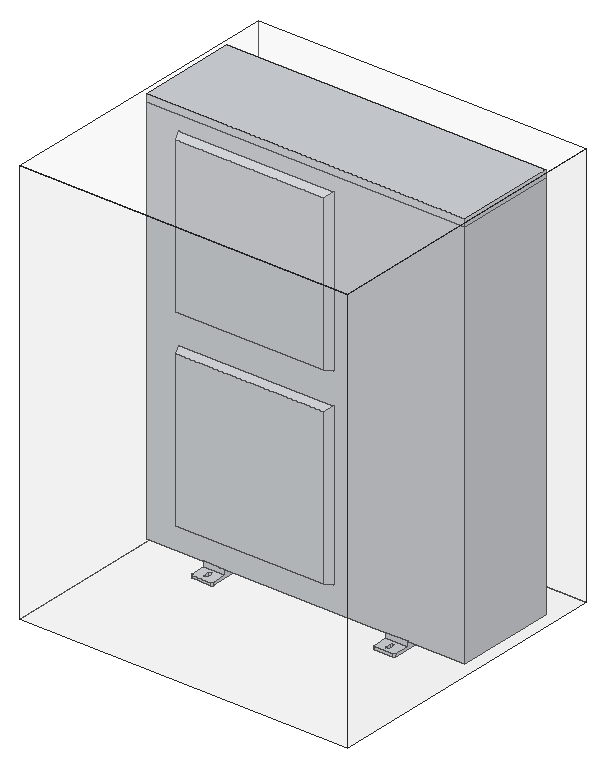
Revit family "puz-hrmp80_160ka7_60hz", category 機械設備, Revit 2019
Family settings
  丸型コネクタ寸法 = 直径を使用
  パーツ タイプ = 標準
  OmniClass 番号 = 23.75.10.24.21.27.27
  OmniClass タイトル = Split System Air Conditioning Units
  作業面ベース = いいえ
  常に垂直 = はい
  ロード時にボイドで切り取り = いいえ
  共有 = いいえ
  部屋計算ポイント = いいえ
Parameters (values of type "室外機_PUZ-HRMP80KA7 (-BS,BSG)")
  音響パワーレベル（冷）(dB) = 66
  音響パワーレベル(dB) = 68
  電源種別 = ""
  電源位置Y = 2 mm
  電源位置Z = 1063 mm
  電源位置X = 325 mm
  電圧 = 200 V
  電動機出力_送風機 = 0.12 kW
  電動機出力_圧縮機 = 1.5 kW
  集中コントローラ [instance] = ""
  運転質量 = 0.00 kg
  運転方法 = "冷暖切替"
  質量 = if(製品質量 > 運転質量, 製品質量, 運転質量) * 1.2  # 135.60 kg
  負荷分類 = 1_熱源類
  説明 = "空冷H/P PAC インバータ室外機"
  設計暖房能力 [instance] = 0 kW
  設計冷房能力_顕熱 [instance] = 0 kW
  設計冷房能力 [instance] = 0 kW
  設置方法 = "床置形"
  記号 [instance] = ""
  製造元 = "三菱電機株式会社"
  製品質量 = 113.00 kg
  製品出荷対象 = "国内"
  製品リリース年月 = ""
  製品グループ = ""
  系統 [instance] = ""
  符号 = "PAC"
  積算_科目 = "1 空気調和設備"
  積算_拾い区分 [instance] = ""
  相 = 3
  盤記号 [instance] = ""
  発停方法 = "付属スイッチ"
  特殊仕様 [instance] = ""
  消費電力_暖房 = 1.92 kW
  消費電力_冷房 = 1.77 kW
  消費電力 = if(消費電力_冷房 > 消費電力_暖房, 消費電力_冷房, 消費電力_暖房)  # 1.92 kW
  法定耐用年数 = "6"
  構成品番 = "PUZ-HRMP80KA7 (-BS,-BSG)"
  極数 = 3
  材質 [instance] = ""
  本体マテリアル = none
  最小電線太さ_mm2 = 1.6
  最大電流値 = 0 A
  暖房能力 = 8 kW
  推奨ブレーカー容量 = 30 A
  据付ピッチ1 = 0 mm
  形式 = "パッケージ形 室外機"
  形名 = PUZ-ZRMP-3 : PUZ-ZRMP112KA11
  幹線記号 [instance] = ""
  始動方式 = "インバータ始動方式"
  呼称 = "パッケージ形空気調和機_室外機"
  周波数 = 60 Hz
  価格 = 0
  ドレン　位置Z = 23 mm
  ドレン　位置Y = 176 mm
  ドレン　位置X = 45 mm
  アンカーボルト位置Y = 370 mm
  アンカーボルト位置X = 600 mm
  参照している仕様書等のバージョン = "公共建築物標準仕様書（機械設備工事編）平成31年度版"
  分類コード = "50053003126100"
  分類グループ = ""
  冷房能力 = 7.1 kW
  冷媒管（ガス）位置X = 483 mm
  冷媒管（液）位置X = 423 mm
  冷媒管（液）位置Y = 290 mm
  冷媒管（ガス）位置Y = 234 mm
  冷媒管長 [instance] = 0 mm
  冷媒管径符号 = "Bd"
  冷媒管径 = 100.00 mm
  冷媒管位置Z = 450 mm
  冷媒管位置Y = (冷媒管（液）位置Y + 冷媒管（ガス）位置Y) / 2  # 262 mm
  冷媒管位置X = (冷媒管（液）位置X + 冷媒管（ガス）位置X) / 2  # 453 mm
  冷媒液管径 = 9.52 mm
  冷媒ガス管径 = 15.88 mm
  企業コード = "108420"
  付属品 [instance] = ""
  仕様書バージョン = "Version1.0"
  ユニット数 = 1
  Model = ""
  ドレン管径 = 33.00 mm
  サービススペース = yes
  コメント [instance] = ""
  ケーブル種類1 = ""
  【値が 0 の項目は組合せ形名にてご確認ください】 = ""
  Width = 1050 mm
  Version = ""
  Uniclass2015Version = "Systems v1.9"
  Uniclass2015Title = "Split coil remote air cooled condensing units"
  Uniclass2015Code = "Pr_70_65_03_84"
  URL = "https://www.mitsubishielectric.co.jp/ldg/wink/ssl/top.do"
  SpecificationReference = ""
  SpecificationDescription = ""
  Revision = ""
  ProductInformation = ""
  OmniClassCode = "23-33 17 13 11"
  IfcTypeProduct = ""
  IfcProduct = ""
  IfcExportType = "AIRCONDITIONINGUNIT"
  IfcExportAs = "IfcUnitaryEquipmentType"
  Height = 1338 mm
  Depth = 330 mm
  Clearance Top = 0 mm
  Clearance Right = 15 mm
  Clearance Left = 15 mm
  Clearance Front = 500 mm
  Clearance Bottom = 0 mm
  Clearance Back = 150 mm
  COP = 0
  Author = "三菱電機株式会社"
  APF = 0
Reference planes
  plane 1 "中心(正面/背面)": y = 74
  plane 2: z = 0
  plane 3 "中心(左/右)": x = 830
  plane 4 "右": x = 1355
  plane 5 "左": x = 305
  plane 6 "背面": y = 239
  plane 7 "正面": y = -91
  plane 8 "上部": z = 1338
  plane 9 "Clearanse Top": z = 1338
  plane 10 "SS_back": y = 389
  plane 11 "SS_front": y = -591
  plane 12 "SS_left": x = 290
  plane 13 "SS_right": x = 1370
  plane 14: z = 0
  plane 15: y = -89
  plane 16: x = 1155
  plane 17: z = 1063
  plane 18: y = -87
  plane 19: y = -23
  plane 20: x = 1283
  plane 21: z = 450
  plane 22: z = 452
  plane 23: y = 63
  plane 24: x = 350
  plane 25: z = 25
  plane 26: z = 23
  plane 27: x = 530
  plane 28: x = 1130
  plane 29: y = 259
  plane 30: y = -111
Forms (mm)
  Extrusion 1, solid, detail levels fine
    sketch origin (0, -91, 0) x (1, 0, 0) y (0, 0, 1)
      loop
        circle (1155, 1063) r 13.5
    from -4 to -2
  Extrusion 2, solid, detail levels fine
    sketch origin (-1437.329, -1524, 54) x (-1, 0, 0) y (0, -1, 0)
      loop
        circle (-2720.329, -1501) r 50
    from 396 to 398
  Extrusion 3, solid, detail levels fine
    sketch origin (-1437.329, -1524, 54) x (-1, 0, 0) y (0, -1, 0)
      loop
        circle (-1787.329, -1587) r 16.5
    from -31 to -29
Lines and regions (mm)
  model lines, not visible
    curve 1: line (460, 178.667, 1289.179) -> (460, 297.73, 1289.179)
    curve 2: line (460, 178.667, 1056.056) -> (460, 178.667, 1289.179)
    curve 3: line (460, 297.73, 1056.056) -> (460, 178.667, 1056.056)
    curve 4: line (460, 297.73, 1289.179) -> (460, 297.73, 1056.056)
    curve 5: line (460, 47.598, 1289.179) -> (460, 166.661, 1289.179)
    curve 6: line (460, 47.598, 1056.056) -> (460, 47.598, 1289.179)
    curve 7: line (460, 166.661, 1056.056) -> (460, 47.598, 1056.056)
    curve 8: line (460, 166.661, 1289.179) -> (460, 166.661, 1056.056)
    curve 9: line (460, -83.471, 1289.179) -> (460, 35.592, 1289.179)
    curve 10: line (460, -83.471, 1056.056) -> (460, -83.471, 1289.179)
    curve 11: line (460, 35.592, 1056.056) -> (460, -83.471, 1056.056)
    curve 12: line (460, 35.592, 1289.179) -> (460, 35.592, 1056.056)
    curve 13: line (460, -150.779, 1289.179) -> (460, -95.75, 1289.179)
    curve 14: line (460, -150.779, 1056.056) -> (460, -150.779, 1289.179)
    curve 15: line (460, -95.75, 1056.056) -> (460, -150.779, 1056.056)
    curve 16: line (460, -95.75, 1289.179) -> (460, -95.75, 1056.056)
    curve 17: line (460, -150.779, 1283.175) -> (460, -132.596, 1283.175)
    curve 18: line (460, -150.779, 1062.059) -> (460, -150.779, 1283.175)
    curve 19: line (460, -132.596, 1062.059) -> (460, -150.779, 1062.059)
    curve 20: line (460, -132.596, 1283.175) -> (460, -132.596, 1062.059)
    curve 21: line (460, 178.667, 1046.051) -> (460, 297.73, 1046.051)
    curve 22: line (460, 178.667, 812.928) -> (460, 178.667, 1046.051)
    curve 23: line (460, 297.73, 812.928) -> (460, 178.667, 812.928)
    curve 24: line (460, 297.73, 1046.051) -> (460, 297.73, 812.928)
    curve 25: line (460, 47.598, 1046.051) -> (460, 166.661, 1046.051)
    curve 26: line (460, 47.598, 812.928) -> (460, 47.598, 1046.051)
    curve 27: line (460, 166.661, 812.928) -> (460, 47.598, 812.928)
    curve 28: line (460, 166.661, 1046.051) -> (460, 166.661, 812.928)
    curve 29: line (460, -83.471, 1046.051) -> (460, 35.592, 1046.051)
    curve 30: line (460, -83.471, 812.928) -> (460, -83.471, 1046.051)
    curve 31: line (460, 35.592, 812.928) -> (460, -83.471, 812.928)
    curve 32: line (460, 35.592, 1046.051) -> (460, 35.592, 812.928)
    curve 33: line (460, -150.779, 1046.051) -> (460, -95.75, 1046.051)
    curve 34: line (460, -150.779, 812.928) -> (460, -150.779, 1046.051)
    curve 35: line (460, -95.75, 812.928) -> (460, -150.779, 812.928)
    curve 36: line (460, -95.75, 1046.051) -> (460, -95.75, 812.928)
    curve 37: line (460, -150.779, 1040.048) -> (460, -132.596, 1040.048)
    curve 38: line (460, -150.779, 818.931) -> (460, -150.779, 1040.048)
    curve 39: line (460, -132.596, 818.931) -> (460, -150.779, 818.931)
    curve 40: line (460, -132.596, 1040.048) -> (460, -132.596, 818.931)
    curve 41: line (460, 178.667, 802.923) -> (460, 297.73, 802.923)
    curve 42: line (460, 178.667, 569.8) -> (460, 178.667, 802.923)
    curve 43: line (460, 297.73, 569.8) -> (460, 178.667, 569.8)
    curve 44: line (460, 297.73, 802.923) -> (460, 297.73, 569.8)
    curve 45: line (460, 47.598, 802.923) -> (460, 166.661, 802.923)
    curve 46: line (460, 47.598, 569.8) -> (460, 47.598, 802.923)
    curve 47: line (460, 166.661, 569.8) -> (460, 47.598, 569.8)
    curve 48: line (460, 166.661, 802.923) -> (460, 166.661, 569.8)
    curve 49: line (460, -83.471, 802.923) -> (460, 35.592, 802.923)
    curve 50: line (460, -83.471, 569.8) -> (460, -83.471, 802.923)
    curve 51: line (460, 35.592, 569.8) -> (460, -83.471, 569.8)
    curve 52: line (460, 35.592, 802.923) -> (460, 35.592, 569.8)
    curve 53: line (460, -150.779, 802.923) -> (460, -95.75, 802.923)
    curve 54: line (460, -150.779, 569.8) -> (460, -150.779, 802.923)
    curve 55: line (460, -95.75, 569.8) -> (460, -150.779, 569.8)
    curve 56: line (460, -95.75, 802.923) -> (460, -95.75, 569.8)
    curve 57: line (460, -150.779, 796.92) -> (460, -132.596, 796.92)
    curve 58: line (460, -150.779, 575.803) -> (460, -150.779, 796.92)
    curve 59: line (460, -132.596, 575.803) -> (460, -150.779, 575.803)
    curve 60: line (460, -132.596, 796.92) -> (460, -132.596, 575.803)
    curve 61: line (460, 178.667, 559.795) -> (460, 297.73, 559.795)
    curve 62: line (460, 178.667, 326.672) -> (460, 178.667, 559.795)
    curve 63: line (460, 297.73, 326.672) -> (460, 178.667, 326.672)
    curve 64: line (460, 297.73, 559.795) -> (460, 297.73, 326.672)
    curve 65: line (460, 47.598, 559.795) -> (460, 166.661, 559.795)
    curve 66: line (460, 47.598, 326.672) -> (460, 47.598, 559.795)
    curve 67: line (460, 166.661, 326.672) -> (460, 47.598, 326.672)
    curve 68: line (460, 166.661, 559.795) -> (460, 166.661, 326.672)
    curve 69: line (460, -83.471, 559.795) -> (460, 35.592, 559.795)
    curve 70: line (460, -83.471, 326.672) -> (460, -83.471, 559.795)
    curve 71: line (460, 35.592, 326.672) -> (460, -83.471, 326.672)
    curve 72: line (460, 35.592, 559.795) -> (460, 35.592, 326.672)
    curve 73: line (460, -150.779, 559.795) -> (460, -95.75, 559.795)
    curve 74: line (460, -150.779, 326.672) -> (460, -150.779, 559.795)
    curve 75: line (460, -95.75, 326.672) -> (460, -150.779, 326.672)
    curve 76: line (460, -95.75, 559.795) -> (460, -95.75, 326.672)
    curve 77: line (460, -150.779, 553.792) -> (460, -132.596, 553.792)
    curve 78: line (460, -150.779, 332.675) -> (460, -150.779, 553.792)
    curve 79: line (460, -132.596, 332.675) -> (460, -150.779, 332.675)
    curve 80: line (460, -132.596, 553.792) -> (460, -132.596, 332.675)
    curve 81: line (460, 178.667, 316.667) -> (460, 297.73, 316.667)
    curve 82: line (460, 178.667, 83.544) -> (460, 178.667, 316.667)
    curve 83: line (460, 297.73, 83.544) -> (460, 178.667, 83.544)
    curve 84: line (460, 297.73, 316.667) -> (460, 297.73, 83.544)
    curve 85: line (460, 47.598, 316.667) -> (460, 166.661, 316.667)
    curve 86: line (460, 47.598, 83.544) -> (460, 47.598, 316.667)
    curve 87: line (460, 166.661, 83.544) -> (460, 47.598, 83.544)
    curve 88: line (460, 166.661, 316.667) -> (460, 166.661, 83.544)
    curve 89: line (460, -83.471, 316.667) -> (460, 35.592, 316.667)
    curve 90: line (460, -83.471, 83.544) -> (460, -83.471, 316.667)
    curve 91: line (460, 35.592, 83.544) -> (460, -83.471, 83.544)
    curve 92: line (460, 35.592, 316.667) -> (460, 35.592, 83.544)
    curve 93: line (460, -150.779, 316.667) -> (460, -95.75, 316.667)
    curve 94: line (460, -150.779, 83.544) -> (460, -150.779, 316.667)
    curve 95: line (460, -95.75, 83.544) -> (460, -150.779, 83.544)
    curve 96: line (460, -95.75, 316.667) -> (460, -95.75, 83.544)
    curve 97: line (460, -150.779, 310.664) -> (460, -132.596, 310.664)
    curve 98: line (460, -150.779, 89.547) -> (460, -150.779, 310.664)
    curve 99: line (460, -132.596, 89.547) -> (460, -150.779, 89.547)
    curve 100: line (460, -132.596, 310.664) -> (460, -132.596, 89.547)
Dimensions and locks
  equal spacing: plane 7 "正面", plane 1 "中心(正面/背面)", plane 6 "背面"
  "Depth": plane 7 "正面" to plane 6 "背面"
  "Width": plane 5 "左" to plane 4 "右"
  equal spacing: plane 5 "左", plane 3 "中心(左/右)", plane 4 "右"
  "Clearance Left": plane 12 "SS_left" to plane 5 "左"
  "Clearance Right": plane 4 "右" to plane 13 "SS_right"
  "Clearance Back": plane 6 "背面" to plane 10 "SS_back"
  "Clearance Front": plane 11 "SS_front" to plane 7 "正面"
  "Height": plane 8 "上部" to level
  "Clearance Top": plane 9 "Clearanse Top" to plane 8 "上部"
  "Clearance Bottom": level to plane 14
  "電源位置X": plane 3 "中心(左/右)" to plane 16
  "電源位置Y": plane 7 "正面" to plane 15
  "電源位置Z": plane 17 to level
  locked: plane 15 to plane 18 at 2
  "冷媒管位置X": plane 3 "中心(左/右)" to plane 20
  "冷媒管位置Y": plane 19 to plane 6 "背面"
  "冷媒管位置Z": plane 21 to level
  locked: plane 22 to plane 21 at 2
  "ドレン　位置X": plane 5 "左" to plane 24
  "ドレン　位置Y": plane 23 to plane 6 "背面"
  locked: plane 25 to plane 26 at 2
  "ドレン　位置Z": plane 26 to level
  equal spacing: plane 30, plane 1 "中心(正面/背面)", plane 29
  "アンカーボルト位置Y": plane 30 to plane 29
  equal spacing: plane 27, plane 3 "中心(左/右)", plane 28
  "アンカーボルト位置X": plane 27 to plane 28
  radius of Extrusion 1 sketch curve = 13.5 mm
  "冷媒管径": diameter of Extrusion 2 sketch curve
  "ドレン管径": diameter of Extrusion 3 sketch curve
  aligned and locked: level to plane 2
  aligned and locked: plane 10 "SS_back" to nested 1  (x2)
  aligned and locked: plane 13 "SS_right" to nested 1
  aligned and locked: plane 12 "SS_left" to nested 1  (x2)
  aligned and locked: nested 1 to plane 13 "SS_right"
  aligned and locked: plane 11 "SS_front" to nested 1
  aligned and locked: plane 9 "Clearanse Top" to nested 1
  aligned and locked: plane 1 "中心(正面/背面)" to nested 2
  aligned and locked: plane 3 "中心(左/右)" to nested 2
  aligned and locked: plane 14 to nested 1
  aligned and locked: plane 17 to Extrusion 1 sketch curve
  aligned and locked: plane 16 to Extrusion 1 sketch curve
  aligned and locked: Extrusion 1 to plane 18
  aligned and locked: plane 15 to Extrusion 1
  aligned and locked: plane 19 to Extrusion 2 sketch curve
  aligned and locked: plane 20 to Extrusion 2 sketch curve
  aligned and locked: plane 22 to Extrusion 2
  aligned and locked: Extrusion 2 to plane 21
  aligned and locked: plane 24 to Extrusion 3 sketch curve
  aligned and locked: plane 23 to Extrusion 3 sketch curve
  aligned and locked: plane 25 to Extrusion 3
  aligned and locked: Extrusion 3 to plane 26
  aligned and locked: plane 27 to nested 3
  aligned and locked: plane 29 to nested 3
Nested families
  nested 1: "サービススペース" at (830, -101, 669), visible <- "サービススペース", type "サービススペース"
    with Width 1080 mm, Height 1338 mm, Depth 980 mm
  nested 2: "PUZ-ZRMP-3" at (830, 74, 0), type <- "形名", type "PUZ-ZRMP112KA11"
  nested 3: "固定点" at (530, -111, 0), type "固定点"
    with W 600 mm, D 370 mm
Connectors
  piping at (1283, -23, 450), diameter 100, driven by "冷媒管径", driven by "冷媒管径符号"
    settings: on Extrusion 2, index 1, connector inside diameter 609.60 mm, connector length 0 mm, flow factor 0, pipe flow 0.0 L/s, pressure drop 0.0 Pa, fitting loss kfactor 0, connector angle 0.00°, fixture units 0, engagement length 0 mm, angle of deflection 0.00°, flow configuration 1, flow direction 2, fitting loss method 4, system type 7, joint type 0, gender type 0, connector reference index -1, connector utility 0, adjustable connector no, is connector primary yes, connector description "Bd"
  electrical at (1155, -89, 1063), driven by "極数", driven by "負荷分類", driven by "電圧", driven by "消費電力"
    settings: on Extrusion 1, index 2, voltage 200 V, apparent load 1920 VA, apparent load phase1 0 VA, apparent load phase2 0 VA, apparent load phase3 0 VA, power factor 1, load classification "1_熱源類", number of poles 3, system type 30, power factor state 1, is connector primary yes, connector utility no, sub classification motor no, connector description ""
Definition of nested family "サービススペース"
  Parameters (values of type "サービススペース")
    Width [instance] = 500 mm
    Height [instance] = 500 mm
    Depth [instance] = 500 mm
  Reference planes
    plane 1 "中心(正面/背面)": y = 0
    plane 2: z = 0
    plane 3 "中心(左/右)": x = 0
    plane 4: y = -250
    plane 5: x = 250
    plane 6: y = 250
    plane 7: x = -250
    plane 8: z = 250
    plane 9: z = -250
  Forms (mm)
    Extrusion 1, solid
      sketch origin (-638.939, 0, 72.39) x (1, 0, 0) y (0, 1, 0)
        loop
          line (388.939, 250) -> (388.939, -250) -> (888.939, -250) -> (888.939, 250) -> (388.939, 250)
      from -322.39 to 177.61
  Lines and regions (mm)
    symbolic lines
      curve 1: line (-250, 0, 250) -> (250, 0, 250)
      curve 2: line (-250, 0, -250) -> (-250, 0, 250)
      curve 3: line (250, 0, -250) -> (-250, 0, -250)
      curve 4: line (250, 0, 250) -> (250, 0, -250)
      curve 5: line (0, -250, 250) -> (0, 250, 250)
      curve 6: line (0, -250, -250) -> (0, -250, 250)
      curve 7: line (0, 250, -250) -> (0, -250, -250)
      curve 8: line (0, 250, 250) -> (0, 250, -250)
      curve 9: line (-250, 250, 0) -> (250, 250, 0)
      curve 10: line (-250, -250, 0) -> (-250, 250, 0)
      curve 11: line (250, -250, 0) -> (-250, -250, 0)
      curve 12: line (250, 250, 0) -> (250, -250, 0)
  Dimensions and locks
    equal spacing: plane 7, plane 3 "中心(左/右)", plane 5
    equal spacing: plane 4, plane 1 "中心(正面/背面)", plane 6
    "Depth": plane 4 to plane 6
    "Width": plane 7 to plane 5
    equal spacing: plane 8, plane 2, plane 9
    "Height": plane 8 to plane 9
    aligned and locked: plane 9 to curve 3
    aligned and locked: plane 7 to curve 2
    aligned and locked: curve 4 to plane 5
    aligned and locked: plane 5 to Extrusion 1
    aligned and locked: Extrusion 1 to plane 7
    aligned and locked: Extrusion 1 to plane 9
    aligned and locked: plane 8 to Extrusion 1
    aligned and locked: plane 9 to curve 7
  Automatic sketch dimensions
    plane 4 to Extrusion 1 sketch curve = 0 mm
    Extrusion 1 sketch curve to plane 7 = 0 mm
    Extrusion 1 sketch curve to plane 5 = 0 mm
    plane 6 to Extrusion 1 sketch curve = 0 mm
    curve 2 to plane 8 = 0 mm
    plane 4 to curve 11 = 0 mm
    curve 11 to plane 7 = 0 mm
    curve 11 to plane 5 = 0 mm
    plane 6 to curve 10 = 0 mm
    curve 7 to plane 4 = 0 mm
    curve 7 to plane 6 = 0 mm
    curve 6 to plane 8 = 0 mm
Definition of nested family "PUZ-ZRMP-3"
  Parameters (values of type "PUZ-ZRMP112KA11")
    配線取出口サイズ = 27 mm
    配線取出口-Z = 1063 mm
    配線取出口-Y = 325 mm
    配線取出口-X = 325 mm
    液配管サイズ = 100 mm
    高さ = 1338 mm
    換気-W = 362 mm
    換気-H2 = 632 mm
    換気-H1 = 369 mm
    換気-D = 25 mm
    奥行き = 330 mm
    吊りボルト_H = 0 mm
    吊りボルト-φ = 12 mm
    冷媒配管サイズ = 9.52 mm
    冷媒液管径-Z = 450 mm
    冷媒液管径-Y = 290 mm
    冷媒液管径-X = 423 mm
    冷媒ガス管径-Z = 421 mm
    冷媒ガス管径-Y = 234 mm
    冷媒ガス管径-X = 483 mm
    吊りボルト-W = 600 mm
    マテリアル = none
    ドレン配管サイズ = 33 mm
    ドレン管径-Z = 0 mm
    ドレン管径-Y = 154 mm
    ドレン管径-X = 480 mm
    タイプ3 = yes
    タイプ2 = no
    タイプ1 = no
    ガス配管サイズ = 15.88 mm
    吊りボルト-D = 370 mm
    幅さ = 1050 mm
    a = 幅さ / 2  # 525 mm
  Reference planes
    plane 1 "中心(正面/背面)": y = 0
    plane 2: z = 0
    plane 3 "中心(左/右)": x = 0
    plane 4: z = 1338
    plane 5: x = -525
    plane 6: x = 525
    plane 7: y = 165
    plane 8: y = -165
    plane 9: x = 587
    plane 10: y = -105
    plane 11: y = 5
    plane 12: z = 1313
    plane 13: x = -545
    plane 14: x = -300
    plane 15: x = 300
    plane 16: y = 185
    plane 17: y = -185
    plane 18: x = 335
    plane 19: x = 265
    plane 20: x = -265
    plane 21: x = -335
    plane 22: y = 204
    plane 23: y = -218
    plane 24: z = 8.5
    plane 25: z = 25
    plane 26: z = 23
    plane 27: z = 1333
    plane 28: y = -40
    plane 29: y = 40
    plane 30: y = -30
    plane 31: y = 30
    plane 32: z = 1318
    plane 33: z = 55
    plane 34: z = 225
    plane 35: z = 570
    plane 36: x = 535
    plane 37: x = 556
    plane 38: y = -190
    plane 39: x = -163
    plane 40: z = 369
    plane 41: x = 91
    plane 42: x = -417
    plane 43: z = 633
    plane 44: z = 105
    plane 45: x = -407
    plane 46: x = 81
    plane 47: z = 623
    plane 48: z = 115
    plane 49: y = 115
    plane 50: y = -115
    plane 51: x = -480
    plane 52: y = -11
    plane 53: x = 483
    plane 54: x = 325
    plane 55: y = -160
    plane 56: y = -125
    plane 57: y = -69
    plane 58: x = 423
    plane 59: z = 421
    plane 60: z = 450
    plane 61: z = 1063
    plane 62: y = -110
    plane 63: z = 550
    plane 64: z = 550
    plane 65: x = 453
    plane 66: y = -97
    plane 67 "グループ": x = -525
    plane 68: z = 1338
    plane 69: z = 943
    plane 70: z = 1001
    plane 71: z = 1265
    plane 72: z = 737
    plane 73: z = 1255
    plane 74: z = 747
    plane 75: y = 125
    plane 76: x = -370
    plane 77: x = -210
    plane 78: x = -50
    plane 79: x = 110
  Forms (mm)
    Extrusion 1, solid, visible <- "タイプ3", detail levels fine
      sketch origin (-1437.329, -1524, 1338) x (-1, 0, 0) y (0, -1, 0)
        loop
          line (-1102.329, -1689) -> (-1102.329, -1359) -> (-1172.329, -1359) -> (-1172.329, -1689) -> (-1102.329, -1689)
        loop
          line (-1702.329, -1689) -> (-1702.329, -1359) -> (-1772.329, -1359) -> (-1772.329, -1689) -> (-1702.329, -1689)
      from -1338 to -1313
    Extrusion 2, solid, material <- "マテリアル", visible <- "タイプ3", detail levels fine
      sketch origin (-1437.329, -1524, 1338) x (-1, 0, 0) y (0, -1, 0)
        loop
          line (-1962.329, -1689) -> (-912.329, -1689) -> (-912.329, -1359) -> (-1962.329, -1359) -> (-1962.329, -1689)
      from -1313 to -25
    Extrusion 3, solid, material <- "マテリアル", visible <- "タイプ3", detail levels fine
      sketch origin (-1437.329, -1524, 1338) x (-1, 0, 0) y (0, -1, 0)
        loop
          line (-912.329, -1689) -> (-912.329, -1359) -> (-1962.329, -1359) -> (-1962.329, -1689) -> (-912.329, -1689)
      from -25 to 0
    Blend 4, solid, material <- "マテリアル", visible <- "タイプ3", detail levels fine
      base sketch origin (0, 0, 0) x (1, 0, 0) y (0, 0, 1)
        loop
          line (-417, 633) -> (-417, 105) -> (91, 105) -> (91, 633) -> (-417, 633)
      top sketch origin (0, 0, 0) x (1, 0, 0) y (0, 0, 1)
        loop
          line (-407, 623) -> (-407, 115) -> (81, 115) -> (81, 623) -> (-407, 623)
      from 165 to 190
    Extrusion 5, solid, material <- "マテリアル", visible <- "タイプ3", detail levels fine
      sketch origin (-1437.329, -1524, 1338) x (-1, 0, 0) y (0, -1, 0)
        loop
          circle (-1920.329, -1455) r 7.94
      from -917 to -788
    Extrusion 6, solid, material <- "マテリアル", visible <- "タイプ3", detail levels fine
      sketch origin (-1437.329, -1524, 1338) x (-1, 0, 0) y (0, -1, 0)
        loop
          circle (-1860.329, -1399) r 4.76
      from -888 to -788
    Extrusion 7, solid, material <- "マテリアル", visible <- "タイプ3", detail levels fine
      sketch origin (1480.036, -190, 1200) x (1, 0, 0) y (0, 0, 1)
        loop
          circle (-1155.036, -137) r 13.5
      from -80 to -30
    Extrusion 8, solid, material <- "マテリアル", visible <- "タイプ3", detail levels fine
      sketch origin (-1437.329, -1524, 1338) x (-1, 0, 0) y (0, -1, 0)
        loop
          circle (-1890.329, -1427) r 50
      from -888 to -788
    Blend 9, solid, material <- "マテリアル", visible <- "タイプ3", detail levels fine
      base sketch origin (1480.036, -190, 1200) x (1, 0, 0) y (0, 0, 1)
        loop
          line (-1897.036, 65) -> (-1897.036, -463) -> (-1389.036, -463) -> (-1389.036, 65) -> (-1897.036, 65)
      top sketch origin (1480.036, -190, 1200) x (1, 0, 0) y (0, 0, 1)
        loop
          line (-1887.036, 55) -> (-1887.036, -453) -> (-1399.036, -453) -> (-1399.036, 55) -> (-1887.036, 55)
      from -25 to 0
    Extrusion 10, solid, visible <- "タイプ3", detail levels fine
      sketch origin (-1437.329, -1524, 1338) x (-1, 0, 0) y (0, -1, 0)
        loop
          line (-1102.329, -1728) -> (-1102.329, -1689) -> (-1172.329, -1689) -> (-1172.329, -1728) -> (-1143.329, -1728) -> (-1143.329, -1709)
          arc (-1143.329, -1709) -> (-1137.329, -1703) -> (-1131.329, -1709) r 6
          line (-1131.329, -1709) -> (-1131.329, -1728) -> (-1102.329, -1728)
        loop
          line (-1102.329, -1359) -> (-1102.329, -1311)
          arc (-1102.329, -1311) -> (-1103.794, -1307.464) -> (-1107.329, -1306) r 5
          line (-1107.329, -1306) -> (-1167.329, -1306)
          arc (-1167.329, -1306) -> (-1170.865, -1307.464) -> (-1172.329, -1311) r 5
          line (-1172.329, -1311) -> (-1172.329, -1359) -> (-1102.329, -1359)
        loop
          arc (-1143.329, -1339) -> (-1137.329, -1345) -> (-1131.329, -1339) r 6
          line (-1131.329, -1339) -> (-1131.329, -1324)
          arc (-1131.329, -1324) -> (-1137.329, -1318) -> (-1143.329, -1324) r 6
          line (-1143.329, -1324) -> (-1143.329, -1339)
        loop
          line (-1772.329, -1728) -> (-1743.329, -1728) -> (-1743.329, -1709)
          arc (-1743.329, -1709) -> (-1737.329, -1703) -> (-1731.329, -1709) r 6
          line (-1731.329, -1709) -> (-1731.329, -1728) -> (-1702.329, -1728) -> (-1702.329, -1689) -> (-1772.329, -1689) -> (-1772.329, -1728)
        loop
          line (-1772.329, -1359) -> (-1702.329, -1359) -> (-1702.329, -1311)
          arc (-1702.329, -1311) -> (-1703.794, -1307.464) -> (-1707.329, -1306) r 5
          line (-1707.329, -1306) -> (-1767.329, -1306)
          arc (-1767.329, -1306) -> (-1770.865, -1307.464) -> (-1772.329, -1311) r 5
          line (-1772.329, -1311) -> (-1772.329, -1359)
        loop
          line (-1731.329, -1339) -> (-1731.329, -1324)
          arc (-1731.329, -1324) -> (-1737.329, -1318) -> (-1743.329, -1324) r 6
          line (-1743.329, -1324) -> (-1743.329, -1339)
          arc (-1743.329, -1339) -> (-1737.329, -1345) -> (-1731.329, -1339) r 6
      from -1338 to -1329.5
    Extrusion 11, solid, material <- "マテリアル", visible <- "タイプ3", detail levels fine
      sketch origin (-1437.329, -1524, 1338) x (-1, 0, 0) y (0, -1, 0)
        loop
          circle (-957.329, -1513) r 16.5
        loop
          circle (-1067.329, -1649) r 16.5
        loop
          circle (-1227.329, -1649) r 16.5
        loop
          circle (-1387.329, -1649) r 16.5
        loop
          circle (-1547.329, -1649) r 16.5
      from -1315 to -1313
  Cuts and joins
    joined: Extrusion 1, Extrusion 10
  Lines and regions (mm)
    Masking region 1, visible <- "タイプ3", detail levels coarse+medium
      outline origin (-1437.329, -1524, 1338) x (-1, 0, 0) y (0, -1, 0)
        loop
          line (-1962.329, -1689) -> (-1772.329, -1689) -> (-1772.329, -1728) -> (-1702.329, -1728) -> (-1702.329, -1689) -> (-1172.329, -1689) -> (-1172.329, -1728) -> (-1102.329, -1728) -> (-1102.329, -1689) -> (-912.329, -1689) -> (-912.329, -1359) -> (-1020.329, -1359) -> (-1030.329, -1334) -> (-1102.329, -1334) -> (-1102.329, -1306) -> (-1172.329, -1306) -> (-1172.329, -1334) -> (-1518.329, -1334) -> (-1528.329, -1359) -> (-1702.329, -1359) -> (-1702.329, -1306) -> (-1772.329, -1306) -> (-1772.329, -1359) -> (-1962.329, -1359) -> (-1962.329, -1689)
    model lines, visible <- "タイプ3", detail levels fine
      curve 1: line (447, 115, 1338) -> (-445, 115, 1338)
      curve 2: line (-445, -115, 1338) -> (447, -115, 1338)
      curve 3: line (-445, -45, 1338) -> (447, -45, 1338)
      curve 4: line (447, 45, 1338) -> (-445, 45, 1338)
      curve 5: line (-445, -35, 1338) -> (447, -35, 1338)
      curve 6: line (447, 35, 1338) -> (-445, 35, 1338)
      curve 7: line (-445, 115, 1338) -> (-445, 45, 1338)
      curve 8: line (447, -115, 1338) -> (447, -45, 1338)
      curve 9: line (-445, 35, 1338) -> (-445, -35, 1338)
      curve 10: line (-445, -45, 1338) -> (-445, -115, 1338)
      curve 11: line (447, -35, 1338) -> (447, 35, 1338)
      curve 12: line (447, 45, 1338) -> (447, 115, 1338)
      curve 13: line (479, -115, 1338) -> (479, 115, 1338)
      curve 14: line (462, -115, 1338) -> (462, 115, 1338)
      curve 15: line (-475, 115, 1338) -> (-475, -115, 1338)
      curve 16: line (-460, 115, 1338) -> (-460, -115, 1338)
      curve 17: line (-460, 115, 1338) -> (-475, 115, 1338)
      curve 18: line (-460, -115, 1338) -> (-475, -115, 1338)
      curve 19: line (462, 115, 1338) -> (479, 115, 1338)
      curve 20: line (462, -115, 1338) -> (479, -115, 1338)
      curve 21: line (-407, -190, 416.5) -> (81, -190, 416.5)
      curve 22: line (81, -190, 321.5) -> (-407, -190, 321.5)
      curve 23: line (-407, -190, 511.5) -> (81, -190, 511.5)
      curve 24: line (-407, -190, 606.5) -> (81, -190, 606.5)
      curve 25: line (81, -190, 226.5) -> (-407, -190, 226.5)
      curve 26: line (81, -190, 131.5) -> (-407, -190, 131.5)
      curve 27: line (-389.571, -190, 623) -> (-389.571, -190, 115)
      curve 28: line (63.571, -190, 115) -> (63.571, -190, 623)
      curve 29: line (-372.143, -190, 623) -> (-372.143, -190, 115)
      curve 30: line (-354.714, -190, 623) -> (-354.714, -190, 115)
      curve 31: line (-337.286, -190, 623) -> (-337.286, -190, 115)
      curve 32: line (-319.857, -190, 623) -> (-319.857, -190, 115)
      curve 33: line (-302.429, -190, 623) -> (-302.429, -190, 115)
      curve 34: line (-285, -190, 623) -> (-285, -190, 115)
      curve 35: line (-267.571, -190, 623) -> (-267.571, -190, 115)
      curve 36: line (-250.143, -190, 623) -> (-250.143, -190, 115)
      curve 37: line (-232.714, -190, 623) -> (-232.714, -190, 115)
      curve 38: line (-215.286, -190, 623) -> (-215.286, -190, 115)
      curve 39: line (-197.857, -190, 623) -> (-197.857, -190, 115)
      curve 40: line (-180.429, -190, 623) -> (-180.429, -190, 115)
      curve 41: line (-163, -190, 623) -> (-163, -190, 115)
      curve 42: line (-145.571, -190, 623) -> (-145.571, -190, 115)
      curve 43: line (-128.143, -190, 623) -> (-128.143, -190, 115)
      curve 44: line (-110.714, -190, 623) -> (-110.714, -190, 115)
      curve 45: line (-93.286, -190, 623) -> (-93.286, -190, 115)
      curve 46: line (-75.857, -190, 623) -> (-75.857, -190, 115)
      curve 47: line (-58.429, -190, 623) -> (-58.429, -190, 115)
      curve 48: line (-41, -190, 623) -> (-41, -190, 115)
      curve 49: line (-23.571, -190, 623) -> (-23.571, -190, 115)
      curve 50: line (-6.143, -190, 623) -> (-6.143, -190, 115)
      curve 51: line (11.286, -190, 623) -> (11.286, -190, 115)
      curve 52: line (28.714, -190, 623) -> (28.714, -190, 115)
      curve 53: line (46.143, -190, 623) -> (46.143, -190, 115)
      curve 54: line (-525, -100, 87) -> (-525, -60, 87)
      curve 55: line (-525, -100, 277) -> (-525, -100, 87)
      curve 56: line (-525, -60, 277) -> (-525, -100, 277)
      curve 57: line (-525, -60, 87) -> (-525, -60, 277)
      curve 58: line (-525, -100, 292) -> (-525, -60, 292)
      curve 59: line (-525, -100, 482) -> (-525, -100, 292)
      curve 60: line (-525, -60, 482) -> (-525, -100, 482)
      curve 61: line (-525, -60, 292) -> (-525, -60, 482)
      curve 62: line (-525, -100, 497) -> (-525, -60, 497)
      curve 63: line (-525, -100, 687) -> (-525, -100, 497)
      curve 64: line (-525, -60, 687) -> (-525, -100, 687)
      curve 65: line (-525, -60, 497) -> (-525, -60, 687)
      curve 66: line (-525, -100, 702) -> (-525, -60, 702)
      curve 67: line (-525, -100, 892) -> (-525, -100, 702)
      curve 68: line (-525, -60, 892) -> (-525, -100, 892)
      curve 69: line (-525, -60, 702) -> (-525, -60, 892)
      curve 70: line (-525, 60, 87) -> (-525, 100, 87)
      curve 71: line (-525, 60, 277) -> (-525, 60, 87)
      curve 72: line (-525, 100, 277) -> (-525, 60, 277)
      curve 73: line (-525, 100, 87) -> (-525, 100, 277)
      curve 74: line (-525, -46.667, 87) -> (-525, -6.667, 87)
      curve 75: line (-525, -46.667, 277) -> (-525, -46.667, 87)
      curve 76: line (-525, -6.667, 277) -> (-525, -46.667, 277)
      curve 77: line (-525, -6.667, 87) -> (-525, -6.667, 277)
      curve 78: line (-525, 6.667, 87) -> (-525, 46.667, 87)
      curve 79: line (-525, 6.667, 277) -> (-525, 6.667, 87)
      curve 80: line (-525, 46.667, 277) -> (-525, 6.667, 277)
      curve 81: line (-525, 46.667, 87) -> (-525, 46.667, 277)
      curve 82: line (-525, 60, 292) -> (-525, 100, 292)
      curve 83: line (-525, 60, 482) -> (-525, 60, 292)
      curve 84: line (-525, 100, 482) -> (-525, 60, 482)
      curve 85: line (-525, 100, 292) -> (-525, 100, 482)
      curve 86: line (-525, 60, 702) -> (-525, 100, 702)
      curve 87: line (-525, 60, 892) -> (-525, 60, 702)
      curve 88: line (-525, 100, 892) -> (-525, 60, 892)
      curve 89: line (-525, 100, 702) -> (-525, 100, 892)
      curve 90: line (-525, -46.667, 292) -> (-525, -6.667, 292)
      curve 91: line (-525, -46.667, 482) -> (-525, -46.667, 292)
      curve 92: line (-525, -6.667, 482) -> (-525, -46.667, 482)
      curve 93: line (-525, -6.667, 292) -> (-525, -6.667, 482)
      curve 94: line (-525, -46.667, 497) -> (-525, -6.667, 497)
      curve 95: line (-525, -46.667, 687) -> (-525, -46.667, 497)
      curve 96: line (-525, -6.667, 687) -> (-525, -46.667, 687)
      curve 97: line (-525, -6.667, 497) -> (-525, -6.667, 687)
      curve 98: line (-525, -46.667, 702) -> (-525, -6.667, 702)
      curve 99: line (-525, -46.667, 892) -> (-525, -46.667, 702)
      curve 100: line (-525, -6.667, 892) -> (-525, -46.667, 892)
      curve 101: line (-525, -6.667, 702) -> (-525, -6.667, 892)
      curve 102: line (-525, 6.667, 292) -> (-525, 46.667, 292)
      curve 103: line (-525, 6.667, 482) -> (-525, 6.667, 292)
      curve 104: line (-525, 46.667, 482) -> (-525, 6.667, 482)
      curve 105: line (-525, 46.667, 292) -> (-525, 46.667, 482)
      curve 106: line (-525, 6.667, 497) -> (-525, 46.667, 497)
      curve 107: line (-525, 6.667, 687) -> (-525, 6.667, 497)
      curve 108: line (-525, 46.667, 687) -> (-525, 6.667, 687)
      curve 109: line (-525, 46.667, 497) -> (-525, 46.667, 687)
      curve 110: line (-525, 6.667, 702) -> (-525, 46.667, 702)
      curve 111: line (-525, 6.667, 892) -> (-525, 6.667, 702)
      curve 112: line (-525, 46.667, 892) -> (-525, 6.667, 892)
      curve 113: line (-525, 46.667, 702) -> (-525, 46.667, 892)
      curve 114: line (-525, -100, 907) -> (-525, -60, 907)
      curve 115: line (-525, -100, 1097) -> (-525, -100, 907)
      curve 116: line (-525, -60, 1097) -> (-525, -100, 1097)
      curve 117: line (-525, -60, 907) -> (-525, -60, 1097)
      curve 118: line (-525, 60, 907) -> (-525, 100, 907)
      curve 119: line (-525, 60, 1097) -> (-525, 60, 907)
      curve 120: line (-525, 100, 1097) -> (-525, 60, 1097)
      curve 121: line (-525, 100, 907) -> (-525, 100, 1097)
      curve 122: line (-525, -46.667, 907) -> (-525, -6.667, 907)
      curve 123: line (-525, -46.667, 1097) -> (-525, -46.667, 907)
      curve 124: line (-525, -6.667, 1097) -> (-525, -46.667, 1097)
      curve 125: line (-525, -6.667, 907) -> (-525, -6.667, 1097)
      curve 126: line (-525, 6.667, 907) -> (-525, 46.667, 907)
      curve 127: line (-525, 6.667, 1097) -> (-525, 6.667, 907)
      curve 128: line (-525, 46.667, 1097) -> (-525, 6.667, 1097)
      curve 129: line (-525, 46.667, 907) -> (-525, 46.667, 1097)
      curve 130: line (-525, -100, 1112) -> (-525, -60, 1112)
      curve 131: line (-525, -100, 1302) -> (-525, -100, 1112)
      curve 132: line (-525, -60, 1302) -> (-525, -100, 1302)
      curve 133: line (-525, -60, 1112) -> (-525, -60, 1302)
      curve 134: line (-525, 60, 1112) -> (-525, 100, 1112)
      curve 135: line (-525, 60, 1302) -> (-525, 60, 1112)
      curve 136: line (-525, 100, 1302) -> (-525, 60, 1302)
      curve 137: line (-525, 100, 1112) -> (-525, 100, 1302)
      curve 138: line (-525, -46.667, 1112) -> (-525, -6.667, 1112)
      curve 139: line (-525, -46.667, 1302) -> (-525, -46.667, 1112)
      curve 140: line (-525, -6.667, 1302) -> (-525, -46.667, 1302)
      curve 141: line (-525, -6.667, 1112) -> (-525, -6.667, 1302)
      curve 142: line (-525, 6.667, 1112) -> (-525, 46.667, 1112)
      curve 143: line (-525, 6.667, 1302) -> (-525, 6.667, 1112)
      curve 144: line (-525, 46.667, 1302) -> (-525, 6.667, 1302)
      curve 145: line (-525, 46.667, 1112) -> (-525, 46.667, 1302)
      curve 303: line (81, -190, 1238.5) -> (-407, -190, 1238.5)
      curve 304: line (-407, -190, 763.5) -> (81, -190, 763.5)
      curve 305: line (-389.571, -190, 1255) -> (-389.571, -190, 747)
      curve 306: line (81, -190, 858.5) -> (-407, -190, 858.5)
      curve 307: line (81, -190, 1143.5) -> (-407, -190, 1143.5)
      curve 308: line (81, -190, 1048.5) -> (-407, -190, 1048.5)
      curve 309: line (-407, -190, 953.5) -> (81, -190, 953.5)
      curve 310: line (-372.143, -190, 1255) -> (-372.143, -190, 747)
      curve 311: line (-354.714, -190, 1255) -> (-354.714, -190, 747)
      curve 312: line (-337.286, -190, 1255) -> (-337.286, -190, 747)
      curve 313: line (-319.857, -190, 1255) -> (-319.857, -190, 747)
      curve 314: line (-302.429, -190, 1255) -> (-302.429, -190, 747)
      curve 315: line (-285, -190, 1255) -> (-285, -190, 747)
      curve 316: line (-267.571, -190, 1255) -> (-267.571, -190, 747)
      curve 317: line (-250.143, -190, 1255) -> (-250.143, -190, 747)
      curve 318: line (-232.714, -190, 1255) -> (-232.714, -190, 747)
      curve 319: line (-215.286, -190, 1255) -> (-215.286, -190, 747)
      curve 320: line (-197.857, -190, 1255) -> (-197.857, -190, 747)
      curve 321: line (-180.429, -190, 1255) -> (-180.429, -190, 747)
      curve 322: line (-163, -190, 1255) -> (-163, -190, 747)
      curve 323: line (-145.571, -190, 1255) -> (-145.571, -190, 747)
      curve 324: line (-128.143, -190, 1255) -> (-128.143, -190, 747)
      curve 325: line (-110.714, -190, 1255) -> (-110.714, -190, 747)
      curve 326: line (-93.286, -190, 1255) -> (-93.286, -190, 747)
      curve 327: line (-75.857, -190, 1255) -> (-75.857, -190, 747)
      curve 328: line (-58.429, -190, 1255) -> (-58.429, -190, 747)
      curve 329: line (-41, -190, 1255) -> (-41, -190, 747)
      curve 330: line (-23.571, -190, 1255) -> (-23.571, -190, 747)
      curve 331: line (-6.143, -190, 1255) -> (-6.143, -190, 747)
      curve 332: line (11.286, -190, 1255) -> (11.286, -190, 747)
      curve 333: line (28.714, -190, 1255) -> (28.714, -190, 747)
      curve 334: line (46.143, -190, 1255) -> (46.143, -190, 747)
      curve 335: line (63.571, -190, 1255) -> (63.571, -190, 747)
    model lines, visible <- "タイプ3", not visible, detail levels fine
      curve 146: line (-525, -100, 907) -> (-525, -60, 907)
      curve 147: line (-525, -100, 1097) -> (-525, -100, 907)
      curve 148: line (-525, -60, 1097) -> (-525, -100, 1097)
      curve 149: line (-525, -60, 907) -> (-525, -60, 1097)
      curve 150: line (-525, 60, 907) -> (-525, 100, 907)
      curve 151: line (-525, 60, 1097) -> (-525, 60, 907)
      curve 152: line (-525, 100, 1097) -> (-525, 60, 1097)
      curve 153: line (-525, 100, 907) -> (-525, 100, 1097)
      curve 154: line (-525, -46.667, 907) -> (-525, -6.667, 907)
      curve 155: line (-525, -46.667, 1097) -> (-525, -46.667, 907)
      curve 156: line (-525, -6.667, 1097) -> (-525, -46.667, 1097)
      curve 157: line (-525, -6.667, 907) -> (-525, -6.667, 1097)
      curve 158: line (-525, 6.667, 907) -> (-525, 46.667, 907)
      curve 159: line (-525, 6.667, 1097) -> (-525, 6.667, 907)
      curve 160: line (-525, 46.667, 1097) -> (-525, 6.667, 1097)
      curve 161: line (-525, 46.667, 907) -> (-525, 46.667, 1097)
      curve 162: line (-525, -100, 1112) -> (-525, -60, 1112)
      curve 163: line (-525, -100, 1302) -> (-525, -100, 1112)
      curve 164: line (-525, -60, 1302) -> (-525, -100, 1302)
      curve 165: line (-525, -60, 1112) -> (-525, -60, 1302)
      curve 166: line (-525, 60, 1112) -> (-525, 100, 1112)
      curve 167: line (-525, 60, 1302) -> (-525, 60, 1112)
      curve 168: line (-525, 100, 1302) -> (-525, 60, 1302)
      curve 169: line (-525, 100, 1112) -> (-525, 100, 1302)
      curve 170: line (-525, -46.667, 1112) -> (-525, -6.667, 1112)
      curve 171: line (-525, -46.667, 1302) -> (-525, -46.667, 1112)
      curve 172: line (-525, -6.667, 1302) -> (-525, -46.667, 1302)
      curve 173: line (-525, -6.667, 1112) -> (-525, -6.667, 1302)
      curve 174: line (-525, 6.667, 1112) -> (-525, 46.667, 1112)
      curve 175: line (-525, 6.667, 1302) -> (-525, 6.667, 1112)
      curve 176: line (-525, 46.667, 1302) -> (-525, 6.667, 1302)
      curve 177: line (-525, 46.667, 1112) -> (-525, 46.667, 1302)
      curve 194: line (-525, -100, 87) -> (-525, -60, 87)
      curve 195: line (-525, -100, 277) -> (-525, -100, 87)
      curve 196: line (-525, -60, 277) -> (-525, -100, 277)
      curve 197: line (-525, -60, 87) -> (-525, -60, 277)
      curve 198: line (-525, -100, 292) -> (-525, -60, 292)
      curve 199: line (-525, -100, 482) -> (-525, -100, 292)
      curve 200: line (-525, -60, 482) -> (-525, -100, 482)
      curve 201: line (-525, -60, 292) -> (-525, -60, 482)
      curve 202: line (-525, -100, 497) -> (-525, -60, 497)
      curve 203: line (-525, -100, 687) -> (-525, -100, 497)
      curve 204: line (-525, -60, 687) -> (-525, -100, 687)
      curve 205: line (-525, -60, 497) -> (-525, -60, 687)
      curve 206: line (-525, -100, 702) -> (-525, -60, 702)
      curve 207: line (-525, -100, 892) -> (-525, -100, 702)
      curve 208: line (-525, -60, 892) -> (-525, -100, 892)
      curve 209: line (-525, -60, 702) -> (-525, -60, 892)
      curve 210: line (-525, 60, 87) -> (-525, 100, 87)
      curve 211: line (-525, 60, 277) -> (-525, 60, 87)
      curve 212: line (-525, 100, 277) -> (-525, 60, 277)
      curve 213: line (-525, 100, 87) -> (-525, 100, 277)
      curve 214: line (-525, -46.667, 87) -> (-525, -6.667, 87)
      curve 215: line (-525, -46.667, 277) -> (-525, -46.667, 87)
      curve 216: line (-525, -6.667, 277) -> (-525, -46.667, 277)
      curve 217: line (-525, -6.667, 87) -> (-525, -6.667, 277)
      curve 218: line (-525, 6.667, 87) -> (-525, 46.667, 87)
      curve 219: line (-525, 6.667, 277) -> (-525, 6.667, 87)
      curve 220: line (-525, 46.667, 277) -> (-525, 6.667, 277)
      curve 221: line (-525, 46.667, 87) -> (-525, 46.667, 277)
      curve 222: line (-525, 60, 292) -> (-525, 100, 292)
      curve 223: line (-525, 60, 482) -> (-525, 60, 292)
      curve 224: line (-525, 100, 482) -> (-525, 60, 482)
      curve 225: line (-525, 100, 292) -> (-525, 100, 482)
      curve 226: line (-525, 60, 702) -> (-525, 100, 702)
      curve 227: line (-525, 60, 892) -> (-525, 60, 702)
      curve 228: line (-525, 100, 892) -> (-525, 60, 892)
      curve 229: line (-525, 100, 702) -> (-525, 100, 892)
      curve 230: line (-525, -46.667, 292) -> (-525, -6.667, 292)
      curve 231: line (-525, -46.667, 482) -> (-525, -46.667, 292)
      curve 232: line (-525, -6.667, 482) -> (-525, -46.667, 482)
      curve 233: line (-525, -6.667, 292) -> (-525, -6.667, 482)
      curve 234: line (-525, -46.667, 497) -> (-525, -6.667, 497)
      curve 235: line (-525, -46.667, 687) -> (-525, -46.667, 497)
      curve 236: line (-525, -6.667, 687) -> (-525, -46.667, 687)
      curve 237: line (-525, -6.667, 497) -> (-525, -6.667, 687)
      curve 238: line (-525, -46.667, 702) -> (-525, -6.667, 702)
      curve 239: line (-525, -46.667, 892) -> (-525, -46.667, 702)
      curve 240: line (-525, -6.667, 892) -> (-525, -46.667, 892)
      curve 241: line (-525, -6.667, 702) -> (-525, -6.667, 892)
      curve 242: line (-525, 6.667, 292) -> (-525, 46.667, 292)
      curve 243: line (-525, 6.667, 482) -> (-525, 6.667, 292)
      curve 244: line (-525, 46.667, 482) -> (-525, 6.667, 482)
      curve 245: line (-525, 46.667, 292) -> (-525, 46.667, 482)
      curve 246: line (-525, 6.667, 497) -> (-525, 46.667, 497)
      curve 247: line (-525, 6.667, 687) -> (-525, 6.667, 497)
      curve 248: line (-525, 46.667, 687) -> (-525, 6.667, 687)
      curve 249: line (-525, 46.667, 497) -> (-525, 46.667, 687)
      curve 250: line (-525, 6.667, 702) -> (-525, 46.667, 702)
      curve 251: line (-525, 6.667, 892) -> (-525, 6.667, 702)
      curve 252: line (-525, 46.667, 892) -> (-525, 6.667, 892)
      curve 253: line (-525, 46.667, 702) -> (-525, 46.667, 892)
    model lines, visible <- "タイプ2", not visible
      curve 178: line (-600, -100, 33.5) -> (-600, -60, 33.5)
      curve 179: line (-600, -100, 73.5) -> (-600, -100, 33.5)
      curve 180: line (-600, -60, 73.5) -> (-600, -100, 73.5)
      curve 181: line (-600, -60, 33.5) -> (-600, -60, 73.5)
      curve 182: line (-600, 60, 33.5) -> (-600, 100, 33.5)
      curve 183: line (-600, 60, 73.5) -> (-600, 60, 33.5)
      curve 184: line (-600, 100, 73.5) -> (-600, 60, 73.5)
      curve 185: line (-600, 100, 33.5) -> (-600, 100, 73.5)
      curve 186: line (-509, -46.667, 33.5) -> (-509, -6.667, 33.5)
      curve 187: line (-509, -46.667, 73.5) -> (-509, -46.667, 33.5)
      curve 188: line (-509, -6.667, 73.5) -> (-509, -46.667, 73.5)
      curve 189: line (-509, -6.667, 33.5) -> (-509, -6.667, 73.5)
      curve 190: line (-509, 6.667, 33.5) -> (-509, 46.667, 33.5)
      curve 191: line (-509, 6.667, 73.5) -> (-509, 6.667, 33.5)
      curve 192: line (-509, 46.667, 73.5) -> (-509, 6.667, 73.5)
      curve 193: line (-509, 46.667, 33.5) -> (-509, 46.667, 73.5)
      curve 287: line (-404.5, -100, 33.5) -> (-404.5, -60, 33.5)
      curve 288: line (-404.5, -100, 73.5) -> (-404.5, -100, 33.5)
      curve 289: line (-404.5, -60, 73.5) -> (-404.5, -100, 73.5)
      curve 290: line (-404.5, -60, 33.5) -> (-404.5, -60, 73.5)
      curve 291: line (-404.5, 60, 33.5) -> (-404.5, 100, 33.5)
      curve 292: line (-404.5, 60, 73.5) -> (-404.5, 60, 33.5)
      curve 293: line (-404.5, 100, 73.5) -> (-404.5, 60, 73.5)
      curve 294: line (-404.5, 100, 33.5) -> (-404.5, 100, 73.5)
      curve 295: line (-404.5, -46.667, 33.5) -> (-404.5, -6.667, 33.5)
      curve 296: line (-404.5, -46.667, 73.5) -> (-404.5, -46.667, 33.5)
      curve 297: line (-404.5, -6.667, 73.5) -> (-404.5, -46.667, 73.5)
      curve 298: line (-404.5, -6.667, 33.5) -> (-404.5, -6.667, 73.5)
      curve 299: line (-404.5, 6.667, 33.5) -> (-404.5, 46.667, 33.5)
      curve 300: line (-404.5, 6.667, 73.5) -> (-404.5, 6.667, 33.5)
      curve 301: line (-404.5, 46.667, 73.5) -> (-404.5, 6.667, 73.5)
      curve 302: line (-404.5, 46.667, 33.5) -> (-404.5, 46.667, 73.5)
    model lines, not visible
      curve 254: line (-338.5, -173.2, 372.5) -> (149.5, -173.2, 372.5)
      curve 255: line (149.5, -173.2, 277.5) -> (-338.5, -173.2, 277.5)
      curve 256: line (-338.5, -173.2, 467.5) -> (149.5, -173.2, 467.5)
      curve 257: line (-338.5, -173.2, 562.5) -> (149.5, -173.2, 562.5)
      curve 258: line (149.5, -173.2, 182.5) -> (-338.5, -173.2, 182.5)
      curve 259: line (149.5, -173.2, 87.5) -> (-338.5, -173.2, 87.5)
      curve 260: line (-321.071, -173.2, 579) -> (-321.071, -173.2, 71)
      curve 261: line (132.071, -173.2, 71) -> (132.071, -173.2, 579)
      curve 262: line (-303.643, -173.2, 579) -> (-303.643, -173.2, 71)
      curve 263: line (-286.214, -173.2, 579) -> (-286.214, -173.2, 71)
      curve 264: line (-268.786, -173.2, 579) -> (-268.786, -173.2, 71)
      curve 265: line (-251.357, -173.2, 579) -> (-251.357, -173.2, 71)
      curve 266: line (-233.929, -173.2, 579) -> (-233.929, -173.2, 71)
      curve 267: line (-216.5, -173.2, 579) -> (-216.5, -173.2, 71)
      curve 268: line (-199.071, -173.2, 579) -> (-199.071, -173.2, 71)
      curve 269: line (-181.643, -173.2, 579) -> (-181.643, -173.2, 71)
      curve 270: line (-164.214, -173.2, 579) -> (-164.214, -173.2, 71)
      curve 271: line (-146.786, -173.2, 579) -> (-146.786, -173.2, 71)
      curve 272: line (-129.357, -173.2, 579) -> (-129.357, -173.2, 71)
      curve 273: line (-111.929, -173.2, 579) -> (-111.929, -173.2, 71)
      curve 274: line (-94.5, -173.2, 579) -> (-94.5, -173.2, 71)
      curve 275: line (-77.071, -173.2, 579) -> (-77.071, -173.2, 71)
      curve 276: line (-59.643, -173.2, 579) -> (-59.643, -173.2, 71)
      curve 277: line (-42.214, -173.2, 579) -> (-42.214, -173.2, 71)
      curve 278: line (-24.786, -173.2, 579) -> (-24.786, -173.2, 71)
      curve 279: line (-7.357, -173.2, 579) -> (-7.357, -173.2, 71)
      curve 280: line (10.071, -173.2, 579) -> (10.071, -173.2, 71)
      curve 281: line (27.5, -173.2, 579) -> (27.5, -173.2, 71)
      curve 282: line (44.929, -173.2, 579) -> (44.929, -173.2, 71)
      curve 283: line (62.357, -173.2, 579) -> (62.357, -173.2, 71)
      curve 284: line (79.786, -173.2, 579) -> (79.786, -173.2, 71)
      curve 285: line (97.214, -173.2, 579) -> (97.214, -173.2, 71)
      curve 286: line (114.643, -173.2, 579) -> (114.643, -173.2, 71)
    symbolic lines, visible <- "タイプ3"
      curve 336: line (-344.073, 165, 1338) -> (-525, 165, 1338)
      curve 337: line (-525, 165, 1338) -> (-525, -165, 1338)
      curve 338: line (-525, -165, 1338) -> (-323.037, -165, 1338)
      curve 339: line (-417, -165, 1338) -> (-407, -190, 1338)
      curve 340: line (-407, -190, 1338) -> (-357.105, -190, 1338)
      curve 341: line (-335, -190, 1338) -> (-335, -218, 1338)
      curve 342: line (-335, -218, 1338) -> (-265, -218, 1338)
      curve 343: line (-265, -218, 1338) -> (-265, -190, 1338)
      curve 344: line (-357.105, -190, 1338) -> (81, -190, 1338)
      curve 345: line (81, -190, 1338) -> (91, -165, 1338)
      curve 346: line (-323.037, -165, 1338) -> (300.043, -165, 1338)
      curve 347: line (265, -165, 1338) -> (265, -218, 1338)
      curve 348: line (265, -218, 1338) -> (335, -218, 1338)
      curve 349: line (335, -218, 1338) -> (335, -165, 1338)
      curve 350: line (300.043, -165, 1338) -> (525, -165, 1338)
      curve 351: line (525, -165, 1338) -> (525, 165, 1338)
      curve 352: line (525, 165, 1338) -> (363.157, 165, 1338)
      curve 353: line (335, 165, 1338) -> (335, 204, 1338)
      curve 354: line (335, 204, 1338) -> (265, 204, 1338)
      curve 355: line (265, 204, 1338) -> (265, 165, 1338)
      curve 356: line (363.157, 165, 1338) -> (-344.073, 165, 1338)
      curve 357: line (-265, 165, 1338) -> (-265, 204, 1338)
      curve 358: line (-265, 204, 1338) -> (-335, 204, 1338)
      curve 359: line (-335, 204, 1338) -> (-335, 165, 1338)
      curve 360: line (-475, 115, 1338) -> (-460, 115, 1338)
      curve 361: line (-475, -115, 1338) -> (-475, 115, 1338)
      curve 362: line (-460, -115, 1338) -> (-475, -115, 1338)
      curve 363: line (-460, 115, 1338) -> (-460, -115, 1338)
      curve 364: line (-445, 115, 1338) -> (447, 115, 1338)
      curve 365: line (-445, 45, 1338) -> (-445, 115, 1338)
      curve 366: line (447, 45, 1338) -> (-445, 45, 1338)
      curve 367: line (447, 115, 1338) -> (447, 45, 1338)
      curve 368: line (447, 35, 1338) -> (-445, 35, 1338)
      curve 369: line (447, -35, 1338) -> (447, 35, 1338)
      curve 370: line (-445, -35, 1338) -> (447, -35, 1338)
      curve 371: line (-445, 35, 1338) -> (-445, -35, 1338)
      curve 372: line (-445, -45, 1338) -> (447, -45, 1338)
      curve 373: line (-445, -115, 1338) -> (-445, -45, 1338)
      curve 374: line (447, -115, 1338) -> (-445, -115, 1338)
      curve 375: line (447, -45, 1338) -> (447, -115, 1338)
      curve 376: line (462, -115, 1338) -> (479, -115, 1338)
      curve 377: line (462, 115, 1338) -> (462, -115, 1338)
      curve 378: line (479, 115, 1338) -> (462, 115, 1338)
      curve 379: line (479, -115, 1338) -> (479, 115, 1338)
  Dimensions and locks
    equal spacing: plane 8, plane 1 "中心(正面/背面)", plane 7
    "奥行き": plane 8 to plane 7
    equal spacing: plane 5, plane 3 "中心(左/右)", plane 6
    "幅さ": plane 5 to plane 6
    "高さ": plane 4 to level
    locked: plane 6 to plane 9 at 62
    locked: plane 8 to plane 10 at 60
    locked: plane 8 to plane 11 at 170
    locked: plane 4 to plane 12 at 25
    locked: plane 13 to plane 5 at 20
    "吊りボルト-D": plane 17 to plane 16
    equal spacing: plane 17, plane 1 "中心(正面/背面)", plane 16
    equal spacing: plane 14, plane 3 "中心(左/右)", plane 15
    "吊りボルト-W": plane 14 to plane 15
    plane 21 to plane 14 to plane 20 = 35 mm locked, 35 mm locked
    plane 19 to plane 15 to plane 18 = 35 mm locked, 35 mm locked
    locked: plane 16 to plane 22 at 19
    locked: plane 23 to plane 17 at 33
    locked: plane 24 to level at 8.5
    plane 25 to level = 25 mm
    locked: plane 4 to plane 27 at 5
    plane 7 to plane 1 "中心(正面/背面)" to plane 8 = 165 mm, 165 mm
    plane 29 to plane 1 "中心(正面/背面)" to plane 28 = 40 mm, 40 mm
    plane 31 to plane 1 "中心(正面/背面)" to plane 30 = 30 mm, 30 mm
    locked: plane 32 to plane 12 at 5
    locked: plane 33 to level at 55
    locked: plane 34 to level at 225
    equal spacing: plane 6, plane 37, plane 9
    locked: plane 6 to plane 36 at 10
    "換気-D": plane 38 to plane 8
    "換気-W": plane 39 to plane 5
    "換気-H1": plane 40 to level
    plane 41 to plane 39 to plane 42 = 254 mm locked, 254 mm locked
    plane 43 to plane 40 to plane 44 = 264 mm locked, 264 mm locked
    locked: plane 41 to plane 46 at 10
    locked: plane 45 to plane 42 at 10
    locked: plane 43 to plane 47 at 10
    locked: plane 48 to plane 44 at 10
    locked: curve 26 to plane 48 at 16.5
    locked: plane 47 to curve 24 at 16.5
    equal spacing: curve 24, curve 23, curve 21, curve 22, curve 25, curve 26
    equal spacing: plane 46, curve 28, curve 53, curve 52, curve 51, curve 50, curve 49, curve 48, curve 47, curve 46, curve 45, curve 44, curve 43, curve 42, curve 41, curve 40, curve 39, curve 38, curve 37, curve 36, curve 35, curve 34, curve 33, curve 32, curve 31, curve 30, curve 29, curve 27, plane 45
    locked: curve 4 to curve 6 at 10
    locked: curve 3 to curve 5 at 10
    locked: plane 49 to plane 7 at 50
    locked: plane 8 to plane 50 at 50
    "ドレン管径-Y": plane 8 to plane 52
    "配線取出口-Y": plane 55 to plane 7
    "冷媒液管径-Y": plane 56 to plane 7
    "冷媒ガス管径-Y": plane 57 to plane 7
    "配線取出口-X": plane 3 "中心(左/右)" to plane 54
    "冷媒ガス管径-X": plane 3 "中心(左/右)" to plane 53
    "冷媒液管径-X": plane 3 "中心(左/右)" to plane 58
    "冷媒液管径-Z": plane 60 to level
    "冷媒ガス管径-Z": plane 59 to level
    "配線取出口-Z": plane 61 to level
    locked: plane 55 to plane 62 at 50
    plane 63 to plane 59 = 129 mm
    locked: plane 64 to plane 60 at 100
    equal spacing: plane 58, plane 65, plane 53
    equal spacing: plane 56, plane 66, plane 57
    "a": plane 67 "グループ" to plane 3 "中心(左/右)"
    plane 69 to level = 943 mm
    plane 68 to level = 1338 mm
    locked: plane 35 to level at 570
    curve 21 to plane 40 to curve 22 = 47.5 mm locked, 47.5 mm locked
    "換気-H2": plane 70 to plane 40
    plane 71 to plane 70 to plane 72 = 264 mm locked, 264 mm locked
    locked: plane 74 to plane 72 at 10
    locked: plane 71 to plane 73 at 10
    locked: plane 73 to curve 303 at 16.5
    locked: curve 304 to plane 74 at 16.5
    equal spacing: curve 303, curve 307, curve 308, curve 309, curve 306, curve 304
    equal spacing: plane 46, curve 335, curve 334, curve 333, curve 332, curve 331, curve 330, curve 329, curve 328, curve 327, curve 326, curve 325, curve 324, curve 323, curve 322, curve 321, curve 320, curve 319, curve 318, curve 317, curve 316, curve 315, curve 314, curve 313, curve 312, curve 311, curve 310, curve 305, plane 45
    locked: plane 25 to plane 26 at 2
    "ドレン管径-X": plane 51 to plane 3 "中心(左/右)"
    locked: plane 52 to plane 75 at 136
    plane 51 to plane 76 to plane 77 to plane 78 to plane 79 = 110 mm locked, 160 mm locked, 160 mm locked, 160 mm locked
    "ガス配管サイズ": diameter of Extrusion 5 sketch curve
    "冷媒配管サイズ": diameter of Extrusion 6 sketch curve
    "配線取出口サイズ": diameter of Extrusion 7 sketch curve
    "液配管サイズ": diameter of Extrusion 8 sketch curve
    "ドレン配管サイズ": diameter of Extrusion 11 sketch curve  (x5)
    aligned and locked: level to plane 2
    aligned and locked: Extrusion 1 to level
    aligned and locked: plane 25 to Extrusion 1
    aligned and locked: Extrusion 2 sketch curve to plane 7
    aligned and locked: Extrusion 2 sketch curve to plane 8
    aligned and locked: Extrusion 2 sketch curve to plane 5
    aligned and locked: Extrusion 2 sketch curve to plane 6
    aligned and locked: Extrusion 2 to plane 25
    aligned and locked: plane 12 to Extrusion 2
    aligned and locked: Extrusion 3 sketch curve to Extrusion 2  (x4)
    aligned and locked: Extrusion 3 to plane 12
    aligned and locked: plane 4 to Extrusion 3
    aligned and locked: Blend 4 sketch curve to plane 43
    aligned and locked: Blend 4 sketch curve to plane 44
    aligned and locked: Blend 4 sketch curve to plane 42
    aligned and locked: Blend 4 sketch curve to plane 41
    aligned and locked: Blend 4 sketch curve to plane 47
    aligned and locked: Blend 4 sketch curve to plane 45
    aligned and locked: Blend 4 sketch curve to plane 46
    aligned and locked: Blend 4 sketch curve to plane 48
    aligned and locked: Blend 4 to plane 8
    aligned and locked: plane 38 to Blend 4
    aligned and locked: curve 17 to plane 49
    aligned and locked: curve 1 to plane 49
    aligned and locked: plane 49 to curve 19
    aligned and locked: curve 18 to plane 50
    aligned and locked: plane 50 to curve 2
    aligned and locked: plane 50 to curve 20
